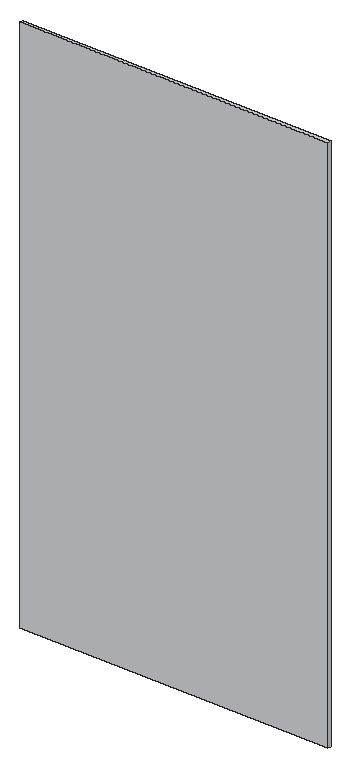
Revit family "Auxiliar_Pasillo", category Planting, Revit 2020
Family settings
  Cut with Voids When Loaded = Yes
  Render Appearance Source = Family Geometry
  Shared = Yes
Parameters (values of type "Auxiliar")
  Type Comments = "L3"
  True_Length [instance] = 1.35 m
  built-in parameter 1001306 [instance] = 1.50 m
  Height = 0.00 m
  Altura [instance] = 2.645 m
  Default Elevation = 0.00 m
Reference planes (m)
  plane 1 "Center (Front/Back)": y = 0
  plane 2: z = 0
  plane 3 "Left": x = 0
  plane 4 "Right": x = 1.5
Forms (m)
  Extrusion 1, solid
    sketch origin (0, 0, 0) x (1, 0, 0) y (0, 1, 0)
      loop
        line (0, 0) -> (0, -0.015) -> (1.5, -0.015) -> (1.5, 0) -> (0, 0)
    from 0 to 2.645 <- "Altura"
Lines and regions (m)
  reference lines
    curve 1: line (0, 0, 0) -> (1.5, 0, 0)
Dimensions and locks (m)
  "built-in parameter 1001306": plane 3 "Left" to plane 4 "Right"
  aligned and locked: plane 4 "Right" to curve 1
  aligned and locked: plane 1 "Center (Front/Back)" to curve 1
  aligned and locked: plane 3 "Left" to curve 1
  aligned and locked: level to plane 2
  aligned and locked: Extrusion 1 sketch curve to curve 1
  aligned and locked: plane 3 "Left" to Extrusion 1 sketch curve
  aligned and locked: Extrusion 1 sketch curve to plane 4 "Right"
Automatic sketch dimensions
  plane 1 "Center (Front/Back)" to Extrusion 1 sketch curve = 0.015 m
